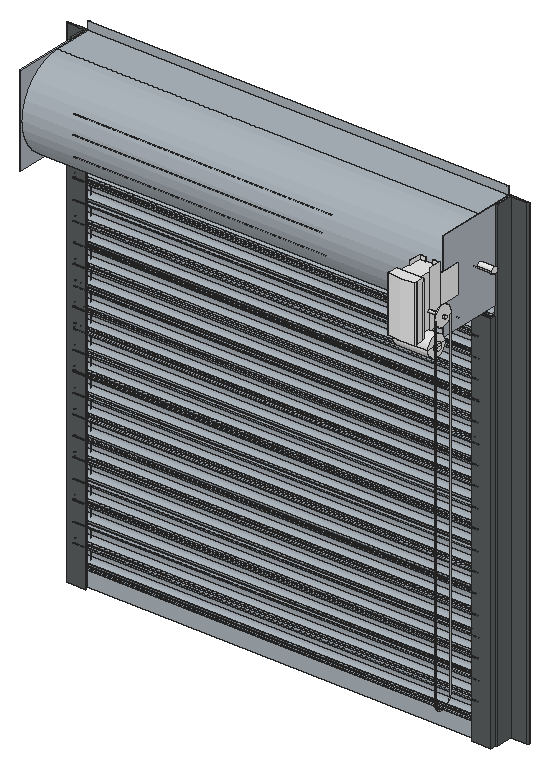
Revit family "Doors_Industrial_Wayne-Dalton_Fire-Rated-Shelter-Door-800FR_", category Specialty Equipment, host Wall, Revit 2019 (continued)
Definition of nested family "Motor"
  Definition of nested family "2D_NotScalableMain_29e791da-3db9-4234-ab15-44456784202b"
    Lines and regions (in)
      model lines, in view "Ref. Level", visible <- "Wall Mount"
        curve 50: line (-4.53125, 0.7, 0) -> (-4.53125, -3.25, 0)
        curve 51: line (-4.134, -2.23929, 0) -> (-4.134, -5.00147, 0)
        curve 52: line (-3.108, -2.23929, 0) -> (-4.134, -2.23929, 0)
        curve 53: line (-2.988, 5.24, 0) -> (-2.988, -2.11929, 0)
        curve 54: arc (-2.988, -2.11929, 0) -> (-3.02315, -2.20414, 0) -> (-3.108, -2.23929, 0) r 0.12
        curve 55: line (4.116, -2.35889, 0) -> (-4.134, -2.35889, 0)
        curve 56: arc (3.108, -2.23929, 0) -> (3.02315, -2.20414, 0) -> (2.988, -2.11929, 0) r 0.12
        curve 57: line (2.988, -2.11929, 0) -> (2.988, 5.24, 0)
        curve 58: line (4.116, -2.23929, 0) -> (3.108, -2.23929, 0)
        curve 59: line (4.116, -5.00147, 0) -> (4.116, -2.23929, 0)
        curve 60: line (6.34375, 0.7, 0) -> (6.34375, -3.25, 0)
        curve 61: line (6.71875, 0.7, 0) -> (6.71875, -1.3125, 0)
        curve 62: line (7.125, 0.7, 0) -> (7.125, -0.875, 0)
        curve 63: line (7.52, -1.9, 0) -> (7.52, 4.1, 0)
        curve 64: line (7.2495, 4.1, 0) -> (7.2495, -1.9, 0)
        curve 65: line (-8.34375, 0.7, 0) -> (-6.75375, 0.7, 0)
        curve 66: line (-5.94375, 0.7, 0) -> (-2.988, 0.7, 0)
        curve 67: line (-8.34375, 1.5, 0) -> (-6.75375, 1.5, 0)
        curve 68: line (-5.94375, 1.5, 0) -> (-2.988, 1.5, 0)
        curve 69: line (-4.53125, 3.25, 0) -> (-4.53125, 1.5, 0)
        curve 70: line (-3.108, 1.5, 0) -> (-3.108, 5.12, 0)
        curve 71: line (3.108, 1.5, 0) -> (3.108, 5.12, 0)
        curve 72: line (6.34375, 3.25, 0) -> (3.108, 3.25, 0)
        curve 73: line (2.988, 1.5, 0) -> (7.2495, 1.5, 0)
        curve 74: line (7.2495, 0.7, 0) -> (2.988, 0.7, 0)
        curve 75: line (-5.8125, 0.3125, 0) -> (-5.94375, 0.3125, 0)
      model lines, in view "Ref. Level", visible <- "Bench Mount"
        curve 76: line (-10.001, 9.0978, 0) -> (-10.001, 18.68057, 0)
        curve 77: line (-9.879, 18.68057, 0) -> (-9.879, 9.0978, 0)
        curve 78: line (-6.75375, 12.025, 0) -> (-5.94375, 12.025, 0)
        curve 79: line (-5.94375, 12.025, 0) -> (-5.94375, 4.775, 0)
        curve 80: line (-6.75375, 4.775, 0) -> (-6.75375, 12.025, 0)
        curve 81: line (-4.53125, -3.25, 0) -> (-4.53125, 3.25, 0)
        curve 82: line (-5.8125, 1.875, 0) -> (-5.8125, -1.875, 0)
        curve 83: line (-5.96875, 1, 0) -> (-5.96875, -1, 0)
        curve 84: line (-4.34375, 1.8775, 0) -> (4.34375, 1.8775, 0)
        curve 85: line (-4.34375, 1.8775, 0) -> (-4.34375, 19.23, 0)
        curve 86: line (-4.34375, 19.23, 0) -> (4.34375, 19.23, 0)
        curve 87: line (4.34375, 1.8775, 0) -> (4.34375, 19.23, 0)
        curve 88: line (-2.988, 20, 0) -> (-2.988, 19.23, 0)
        curve 89: line (2.988, 20, 0) -> (2.988, 19.23, 0)
        curve 90: line (6.34375, 3.25, 0) -> (6.34375, -3.25, 0)
        curve 91: line (6.71875, 1.3125, 0) -> (6.71875, -1.3125, 0)
        curve 92: line (7.2495, 5.4, 0) -> (7.2495, 11.4, 0)
        curve 93: line (7.52, 11.4, 0) -> (7.52, 5.4, 0)
    Dimensions and locks (in)
      curve 1 to curve 1 = 1/8"
      curve 2 to curve 2 = 1/8"
      aligned and locked: plane 1 "Center (Front/Back)" to curve 1
      aligned and locked: plane 3 "Center (Left/Right)" to curve 1
      aligned and locked: plane 1 "Center (Front/Back)" to curve 2
Definition of nested family "610F"
  Parameters (values of type "Standard - Gray")
    Slat Width [instance] = 1.438"  # constant formula
    Slat Position [instance] = 17.979"  # constant formula
    Rough Height = 0"
    Panel Material = none
    Opening Width [instance] = 123 5/8"
    Default Elevation = 48"
    Analytic Construction = "<None>"
  Reference planes (in)
    plane 1 "Center (Front/Back)": y = 0
    plane 2: z = 0
    plane 3 "Center (Left/Right)": x = 0
    plane 4: x = -61.8125
    plane 5: x = 61.8125
    plane 6: y = 1.438
    plane 7: y = 0
    plane 8: y = 0.719
  Forms (in)
    Extrusion 1, solid, material <- "Panel Material"
      sketch origin (0, -4.98186, 18.03575) x (0, 1, 0) y (0, 0, 1)
        loop
          arc (6.3129, -15.14545) -> (6.00497, -16.08196) -> (5.20687, -16.66067) r 1.60144
          arc (5.20687, -16.66067) -> (4.98511, -17.01639) -> (5.29733, -17.29609) r 0.32578
          arc (5.29733, -17.29609) -> (5.69386, -17.45374) -> (5.89802, -17.82846) r 0.62781
          arc (5.89802, -17.82846) -> (5.03379, -18.01504) -> (5.87757, -18.27913) r 0.4572
          arc (5.87757, -18.27913) -> (5.90123, -17.57711) -> (5.30212, -17.21042) r 0.69757
          arc (5.30212, -17.21042) -> (5.06799, -17.00582) -> (5.22797, -16.73921) r 0.24232
          arc (5.22797, -16.73921) -> (6.0686, -16.12201) -> (6.41479, -15.13828) r 1.76704
          arc (6.41479, -15.13828) -> (6.37372, -14.26848) -> (6.1844, -13.41854) r 5.06884
          arc (6.1844, -13.41854) -> (5.94264, -13.01767) -> (5.54432, -12.77174) r 0.99486
          arc (5.54432, -12.77174) -> (5.26621, -12.59673) -> (5.1038, -12.31108) r 0.67448
          arc (5.1038, -12.31108) -> (5.54348, -12.49551) -> (5.92872, -12.21459) r 0.4852
          arc (5.92872, -12.21459) -> (5.88398, -11.54724) -> (5.30212, -11.21741) r 0.70521
          arc (5.30212, -11.21741) -> (5.06799, -11.01281) -> (5.22797, -10.7462) r 0.24232
          arc (5.22797, -10.7462) -> (6.0686, -10.12901) -> (6.41479, -9.14527) r 1.76704
          arc (6.41479, -9.14527) -> (6.37372, -8.27547) -> (6.1844, -7.42553) r 5.06884
          arc (6.1844, -7.42553) -> (5.94264, -7.02466) -> (5.54432, -6.77873) r 0.99486
          arc (5.54432, -6.77873) -> (5.26621, -6.60372) -> (5.1038, -6.31807) r 0.67448
          arc (5.1038, -6.31807) -> (5.58774, -6.46687) -> (5.95602, -6.11945) r 0.50309
          arc (5.95602, -6.11945) -> (5.8503, -5.5103) -> (5.30212, -5.22441) r 0.69757
          arc (5.30212, -5.22441) -> (5.06799, -5.01981) -> (5.22797, -4.7532) r 0.24232
          arc (5.22797, -4.7532) -> (6.0686, -4.136) -> (6.41479, -3.15227) r 1.76704
          arc (6.41479, -3.15227) -> (6.37372, -2.28247) -> (6.1844, -1.43253) r 5.06884
          arc (6.1844, -1.43253) -> (5.94264, -1.03166) -> (5.54432, -0.78573) r 0.99486
          arc (5.54432, -0.78573) -> (5.26621, -0.61072) -> (5.1038, -0.32507) r 0.67448
          arc (5.1038, -0.32507) -> (5.96009, -0.08908) -> (5.14423, 0.26204) r 0.47069
          arc (5.14423, 0.26204) -> (4.98628, -0.3629) -> (5.42353, -0.83652) r 0.67657
          arc (5.42353, -0.83652) -> (5.86585, -1.12411) -> (6.11827, -1.58739) r 1.07588
          arc (6.11827, -1.58739) -> (6.26595, -2.36718) -> (6.3129, -3.15945) r 6.20586
          arc (6.3129, -3.15945) -> (6.00497, -4.09596) -> (5.20687, -4.67466) r 1.60144
          arc (5.20687, -4.67466) -> (4.98511, -5.03038) -> (5.29733, -5.31008) r 0.32578
          arc (5.29733, -5.31008) -> (5.67797, -5.45412) -> (5.8903, -5.80132) r 0.62781
          arc (5.8903, -5.80132) -> (5.53471, -5.58115) -> (5.14423, -5.73096) r 0.47069
          arc (5.14423, -5.73096) -> (4.98628, -6.35591) -> (5.42353, -6.82953) r 0.67657
          arc (5.42353, -6.82953) -> (5.86585, -7.11711) -> (6.11827, -7.5804) r 1.07588
          arc (6.11827, -7.5804) -> (6.26595, -8.36019) -> (6.3129, -9.15245) r 6.20586
          arc (6.3129, -9.15245) -> (6.00497, -10.08896) -> (5.20687, -10.66766) r 1.60144
          arc (5.20687, -10.66766) -> (4.98511, -11.02339) -> (5.29733, -11.30309) r 0.32578
          arc (5.29733, -11.30309) -> (5.67797, -11.44712) -> (5.8903, -11.79432) r 0.62781
          arc (5.8903, -11.79432) -> (5.53471, -11.57415) -> (5.14423, -11.72397) r 0.47069
          arc (5.14423, -11.72397) -> (4.98628, -12.34891) -> (5.42353, -12.82253) r 0.67657
          arc (5.42353, -12.82253) -> (5.86585, -13.11012) -> (6.11827, -13.5734) r 1.07588
          arc (6.11827, -13.5734) -> (6.26595, -14.35319) -> (6.3129, -15.14545) r 6.20586
      from -61.8125 to 61.8125
  Lines and regions (in)
    reference lines
      curve 1: line (0, -4.98186, 17.979) -> (0, 10.8957, 17.979)
  Dimensions and locks (in)
    equal spacing: plane 4, plane 3 "Center (Left/Right)", plane 5
    "Opening Width": plane 4 to plane 5
    "Slat Width": plane 1 "Center (Front/Back)" to plane 6
    equal spacing: plane 1 "Center (Front/Back)", plane 8, plane 6
    "Slat Position": curve 1 to level
    aligned and locked: plane 2 to level
    aligned and locked: plane 1 "Center (Front/Back)" to plane 7
    aligned and locked: plane 5 to Extrusion 1
    aligned and locked: plane 4 to Extrusion 1
  Automatic sketch dimensions
    plane 1 "Center (Front/Back)" to curve 1 = 4.98186"
    curve 1 to plane 6 = 9.4577"
    curve 1 to Extrusion 1 sketch curve = 0.10711"  (x3)
    Extrusion 1 sketch curve to Extrusion 1 sketch curve = 1.24265"  (x3)
    Extrusion 1 sketch curve to Extrusion 1 sketch curve = 3.29932"  (x3)
    Extrusion 1 sketch curve to Extrusion 1 sketch curve = 0.0624"  (x3)
    Extrusion 1 sketch curve to Extrusion 1 sketch curve = 0.42706"  (x3)
    Extrusion 1 sketch curve to Extrusion 1 sketch curve = 0.15937"  (x3)
    Extrusion 1 sketch curve to Extrusion 1 sketch curve = 0.04195"  (x2)
    curve 1 to Extrusion 1 sketch curve = 5.88083"
    Extrusion 1 sketch curve to Extrusion 1 sketch curve = 0.56597"
    Extrusion 1 sketch curve to Extrusion 1 sketch curve = 0.00942"
    Extrusion 1 sketch curve to Extrusion 1 sketch curve = 0.00958"  (x2)
    Extrusion 1 sketch curve to Extrusion 1 sketch curve = 0.02032"  (x2)
    Extrusion 1 sketch curve to Extrusion 1 sketch curve = 0.02049"
    Extrusion 1 sketch curve to Extrusion 1 sketch curve = 0.00028"  (x3)
    Extrusion 1 sketch curve to Extrusion 1 sketch curve = 0.18651"
    Extrusion 1 sketch curve to Extrusion 1 sketch curve = 0.20024"
    Extrusion 1 sketch curve to Extrusion 1 sketch curve = 0.00341"
    Extrusion 1 sketch curve to Extrusion 1 sketch curve = 0.25501"
    Extrusion 1 sketch curve to Extrusion 1 sketch curve = 0.01698"
    Extrusion 1 sketch curve to Extrusion 1 sketch curve = 0.20349"
    Extrusion 1 sketch curve to Extrusion 1 sketch curve = 0.15147"  (x3)
    Extrusion 1 sketch curve to Extrusion 1 sketch curve = 0.11169"  (x3)
    Extrusion 1 sketch curve to Extrusion 1 sketch curve = 0.03933"
    Extrusion 1 sketch curve to Extrusion 1 sketch curve = 0.07284"
    Extrusion 1 sketch curve to Extrusion 1 sketch curve = 0.08781"  (x2)
    Extrusion 1 sketch curve to Extrusion 1 sketch curve = 0.05163"  (x3)
    curve 1 to Extrusion 1 sketch curve = 7.6677"
    Extrusion 1 sketch curve to Extrusion 1 sketch curve = 0.12333"  (x3)
    Extrusion 1 sketch curve to curve 1 = 8.89176"
    Extrusion 1 sketch curve to Extrusion 1 sketch curve = 1.2289"  (x3)
    Extrusion 1 sketch curve to curve 1 = 9.06596"
    Extrusion 1 sketch curve to Extrusion 1 sketch curve = 0.06809"  (x3)
    Extrusion 1 sketch curve to Extrusion 1 sketch curve = 1.83037"  (x3)
    Extrusion 1 sketch curve to Extrusion 1 sketch curve = 0.00232"  (x3)
    Extrusion 1 sketch curve to Extrusion 1 sketch curve = 0.94498"
    Extrusion 1 sketch curve to Extrusion 1 sketch curve = 0.00814"
    Extrusion 1 sketch curve to Extrusion 1 sketch curve = 0.09114"
    Extrusion 1 sketch curve to Extrusion 1 sketch curve = 0.02917"
    Extrusion 1 sketch curve to Extrusion 1 sketch curve = 1.53525"  (x2)
    Extrusion 1 sketch curve to curve 1 = 14.88477"
    Extrusion 1 sketch curve to curve 1 = 15.05896"
    Extrusion 1 sketch curve to Extrusion 1 sketch curve = 0.93734"  (x2)
    Extrusion 1 sketch curve to Extrusion 1 sketch curve = 0.01577"  (x2)
    Extrusion 1 sketch curve to Extrusion 1 sketch curve = 0.12795"
    Extrusion 1 sketch curve to curve 1 = 3.07295"
    Extrusion 1 sketch curve to Extrusion 1 sketch curve = 0.17419"
    Extrusion 1 sketch curve to Extrusion 1 sketch curve = 0.13944"
    Extrusion 1 sketch curve to Extrusion 1 sketch curve = 0.17365"  (x2)
    Extrusion 1 sketch curve to Extrusion 1 sketch curve = 99/256"
    Extrusion 1 sketch curve to Extrusion 1 sketch curve = 0.14264"
    Extrusion 1 sketch curve to Extrusion 1 sketch curve = 0.34629"
    Extrusion 1 sketch curve to Extrusion 1 sketch curve = 0"  (x28)
    Extrusion 1 sketch curve to Extrusion 1 sketch curve = 0.14281"
    Extrusion 1 sketch curve to Extrusion 1 sketch curve = 0.10049"  (x3)
    Extrusion 1 sketch curve to Extrusion 1 sketch curve = 0.02111"  (x3)
    Extrusion 1 sketch curve to Extrusion 1 sketch curve = 0.12078"
    curve 1 to Extrusion 1 sketch curve = 6.72198"
Definition of nested family "Label Annotation 1"
  Parameters (values of type "Label Annotation 1-8")
    Label = "Area is too big. Please reduce Door Size."
  Reference planes (in)
    plane 1: y = 0
    plane 2: x = 0
  Text (in)
    label "Label" at (0.00375, -0.00345, 0), shows "Label"
Definition of nested family "Warning Sign"
  Parameters (values of type "Warning Sign")
    Warning Sign [instance] = no
    Default Elevation = 48"
  Reference planes (in)
    plane 1 "Center (Front/Back)": y = 0
    plane 2: z = 0
    plane 3 "Center (Left/Right)": x = 0
    plane 4: y = 0.5
    plane 5: y = -0.5
    plane 6: y = 1
    plane 7: y = 0.25
  Lines and regions (in)
    model lines
      curve 1: line (-2.26129, 1, 45.69444) -> (-26.3817, 1, 3.91667)
      curve 2: line (-25.25106, 1, 3.26389) -> (-1.13064, 1, 45.04167)
      curve 3: arc (2.26129, 1, 45.69444) -> (0, 1, 47) -> (-2.26129, 1, 45.69444) r 2.61111
      curve 4: arc (-1.13064, 1, 45.04167) -> (0, 1, 45.69444) -> (1.13064, 1, 45.04167) r 1.30556
      curve 5: line (1.13064, 1, 45.04167) -> (25.25106, 1, 3.26389)
      curve 6: line (26.3817, 1, 3.91667) -> (2.26129, 1, 45.69444)
      curve 7: arc (25.25106, 1, 3.26389) -> (25.25106, 1, 1.95833) -> (24.12041, 1, 1.30556) r 1.30556
      curve 8: arc (24.12041, 1, 0) -> (26.3817, 1, 1.30556) -> (26.3817, 1, 3.91667) r 2.61111
      curve 9: line (24.12041, 1, 1.30556) -> (-24.12041, 1, 1.30556)
      curve 10: line (-24.12041, 1, 0) -> (24.12041, 1, 0)
      curve 11: arc (-24.12041, 1, 1.30556) -> (-25.25106, 1, 1.95833) -> (-25.25106, 1, 3.26389) r 1.30556
      curve 12: arc (-26.3817, 1, 3.91667) -> (-26.3817, 1, 1.30556) -> (-24.12041, 1, 0) r 2.61111
      curve 13: arc (-2.29479, 1, 8.63537) -> (0, 1, 6.34057) -> (2.29479, 1, 8.63537) r 2.29479
      curve 14: arc (2.29479, 1, 8.63537) -> (0, 1, 10.93016) -> (-2.29479, 1, 8.63537) r 2.29479
      curve 15: arc (-1.6331, 1, 13.97069) -> (0.03439, 1, 12.53727) -> (1.69278, 1, 13.98121) r 1.68043
      curve 16: line (-3.77413, 1, 28.37873) -> (-1.6331, 1, 13.97069)
      curve 17: line (1.69278, 1, 13.98121) -> (3.73924, 1, 28.37873)
      curve 18: arc (3.73924, 1, 28.37873) -> (-0.01745, 1, 32.13541) -> (-3.77413, 1, 28.37873) r 3.75668
      curve 19: line (-2.26129, -0.5, 45.69444) -> (-26.3817, -0.5, 3.91667)
      curve 20: line (-25.25106, -0.5, 3.26389) -> (-1.13064, -0.5, 45.04167)
      curve 21: arc (2.26129, -0.5, 45.69444) -> (0, -0.5, 47) -> (-2.26129, -0.5, 45.69444) r 2.61111
      curve 22: arc (-1.13064, -0.5, 45.04167) -> (0, -0.5, 45.69444) -> (1.13064, -0.5, 45.04167) r 1.30556
      curve 23: line (1.13064, -0.5, 45.04167) -> (25.25106, -0.5, 3.26389)
      curve 24: line (26.3817, -0.5, 3.91667) -> (2.26129, -0.5, 45.69444)
      curve 25: arc (25.25106, -0.5, 3.26389) -> (25.25106, -0.5, 1.95833) -> (24.12041, -0.5, 1.30556) r 1.30556
      curve 26: arc (24.12041, -0.5, 0) -> (26.3817, -0.5, 1.30556) -> (26.3817, -0.5, 3.91667) r 2.61111
      curve 27: line (24.12041, -0.5, 1.30556) -> (-24.12041, -0.5, 1.30556)
      curve 28: line (-24.12041, -0.5, 0) -> (24.12041, -0.5, 0)
      curve 29: arc (-24.12041, -0.5, 1.30556) -> (-25.25106, -0.5, 1.95833) -> (-25.25106, -0.5, 3.26389) r 1.30556
      curve 30: arc (-26.3817, -0.5, 3.91667) -> (-26.3817, -0.5, 1.30556) -> (-24.12041, -0.5, 0) r 2.61111
      curve 31: arc (-2.29479, -0.5, 8.63537) -> (0, -0.5, 6.34057) -> (2.29479, -0.5, 8.63537) r 2.29479
      curve 32: arc (2.29479, -0.5, 8.63537) -> (0, -0.5, 10.93016) -> (-2.29479, -0.5, 8.63537) r 2.29479
      curve 33: arc (-1.6331, -0.5, 13.97069) -> (0.03439, -0.5, 12.53727) -> (1.69278, -0.5, 13.98121) r 1.68043
      curve 34: line (-3.77413, -0.5, 28.37873) -> (-1.6331, -0.5, 13.97069)
      curve 35: line (1.69278, -0.5, 13.98121) -> (3.73924, -0.5, 28.37873)
      curve 36: arc (3.73924, -0.5, 28.37873) -> (-0.01745, -0.5, 32.13541) -> (-3.77413, -0.5, 28.37873) r 3.75668
  Dimensions and locks (in)
    locked: plane 1 "Center (Front/Back)" to plane 4 at 0.5
    equal spacing: plane 1 "Center (Front/Back)", plane 7, plane 4
    locked: plane 4 to plane 6 at 0.5
    locked: plane 5 to plane 1 "Center (Front/Back)" at 0.5
    aligned and locked: plane 2 to level
  Automatic sketch dimensions
    curve 21 to curve 22 = 0"  (x2)
    curve 25 to curve 26 = 0"  (x2)
    curve 29 to curve 30 = 0"  (x2)
    curve 31 to curve 32 = 0"  (x2)
    curve 21 to plane 3 "Center (Left/Right)" = 0"
    curve 31 to plane 3 "Center (Left/Right)" = 0"
    curve 30 to level = 0"
    level to curve 27 = 1.30556"
    curve 26 to curve 27 = 1.30556"
    curve 29 to curve 27 = 1.30556"
    curve 23 to curve 25 = 0.65278"
    curve 20 to curve 29 = 0.65278"
    curve 24 to curve 23 = 0.65278"
    curve 19 to curve 20 = 0.65278"
    level to curve 32 = 8.63537"
    curve 34 to plane 3 "Center (Left/Right)" = 1.6331"
    curve 34 to curve 31 = 5.33532"
    plane 3 "Center (Left/Right)" to curve 35 = 1.69278"
    curve 35 to curve 34 = 0.01052"
    plane 3 "Center (Left/Right)" to curve 33 = 0.02908"
    curve 36 to plane 3 "Center (Left/Right)" = 0.01745"
    curve 36 to curve 33 = 14.16104"
    curve 22 to curve 36 = 16.01016"
    plane 3 "Center (Left/Right)" to curve 23 = 1.13064"
    curve 23 to curve 21 = 0.65278"
    curve 20 to plane 3 "Center (Left/Right)" = 1.13064"
    plane 3 "Center (Left/Right)" to curve 24 = 2.26129"
    curve 24 to curve 22 = 0.65278"
    curve 19 to plane 3 "Center (Left/Right)" = 2.26129"
    curve 34 to curve 36 = 3.75668"
    curve 30 to plane 3 "Center (Left/Right)" = 24.12041"
    plane 3 "Center (Left/Right)" to curve 25 = 24.12041"
    curve 31 to curve 31 = 2.29479"
    curve 3 to curve 4 = 0"  (x2)
    curve 7 to curve 8 = 0"  (x2)
    curve 11 to curve 12 = 0"  (x2)
    curve 13 to curve 14 = 0"  (x2)
    curve 3 to plane 3 "Center (Left/Right)" = 0"
    curve 13 to plane 3 "Center (Left/Right)" = 0"
    curve 12 to level = 0"
    level to curve 9 = 1.30556"
    curve 8 to curve 9 = 1.30556"
    curve 11 to curve 9 = 1.30556"
    curve 5 to curve 7 = 0.65278"
    curve 2 to curve 11 = 0.65278"
    curve 6 to curve 5 = 0.65278"
    curve 1 to curve 2 = 0.65278"
    level to curve 14 = 8.63537"
    curve 16 to plane 3 "Center (Left/Right)" = 1.6331"
    curve 16 to curve 13 = 5.33532"
    plane 3 "Center (Left/Right)" to curve 17 = 1.69278"
    curve 17 to curve 16 = 0.01052"
    plane 3 "Center (Left/Right)" to curve 15 = 0.02908"
    curve 18 to plane 3 "Center (Left/Right)" = 0.01745"
    curve 18 to curve 15 = 14.16104"
    curve 4 to curve 18 = 16.01016"
    plane 3 "Center (Left/Right)" to curve 5 = 1.13064"
    curve 5 to curve 3 = 0.65278"
    curve 2 to plane 3 "Center (Left/Right)" = 1.13064"
    plane 3 "Center (Left/Right)" to curve 6 = 2.26129"
    curve 6 to curve 4 = 0.65278"
    curve 1 to plane 3 "Center (Left/Right)" = 2.26129"
    curve 16 to curve 18 = 3.75668"
    curve 12 to plane 3 "Center (Left/Right)" = 24.12041"
    plane 3 "Center (Left/Right)" to curve 7 = 24.12041"
    curve 13 to curve 13 = 2.29479"
Types (7): name | Voltage | Number of Poles | Apparent Load Phase 3 | Apparent Load Phase 2 | Apparent Load Phase 1
  115 volts, one phase, 60 Hz (110-120V range) | 115 V | 1 | 0 VA | 0 VA | 2300 VA
  230 volts, three phase, 60 Hz (208-245V range) | 230 V | 3 | 2655.81 VA | 2655.81 VA | 2655.81 VA
  230 volts, single phase, 60 Hz (208-245V range) | 230 V | 1 | 0 VA | 0 VA | 4600 VA
  460 volts, three phase, 60 Hz (456-495V range) | 460 V | 3 | 5311.62 VA | 5311.62 VA | 5311.62 VA
  208 volts, one phase, 60 Hz (190-207V range) | 208 V | 1 | 0 VA | 0 VA | 4160 VA
  208 volts, three phase, 60 Hz (190-207V range) | 208 V | 3 | 2401.78 VA | 2401.78 VA | 2401.78 VA
  575 volts, three phase, 60 Hz | 575 V | 3 | 6639.53 VA | 6639.53 VA | 6639.53 VA
